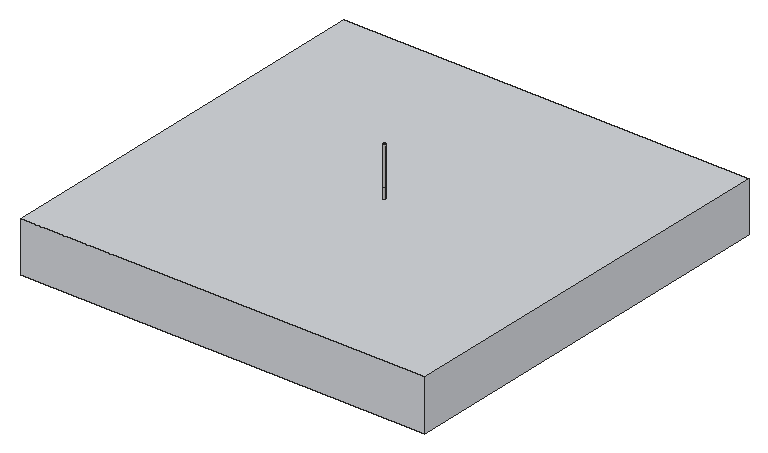
Revit family "IEK_Насадка для перфоратора SDS-max", category Обобщенные модели, Revit 2019
Family settings
  Основа = Грань
  Может служить основой для арматурных стержней = Нет
  Размер круглого соединителя = Использовать диаметр
  Тип детали = Нормальный
  При загрузке вырезать с полостями = Нет
  Общий = Да
  Точка расчета площади = Нет
Parameters (values of type "L=250м, D=15мм")
  Default Elevation = 0 mm
  KSI_CPr_Строительные изделия = ""
  KSI_CMa_Строительные материалы = "24.10.35.000.08.3.05.06-0001"  # constant formula
  IEK_Цена за единицу = 5986
  IEK_Поиск в таблице имен = ""
  IEK_Описание = "Насадка для перфоратора SDS-max товарного знака IEK предназначена для передачи усилия через вибромолот на удароприемную головку при заглублении стержней заземления в грунт. Насадка адаптирована для работы с электрическим вибромолотом с посадочным местом SDS-max."
  IEK_URL = "https://www.iek.ru/products/catalog/sistemy_dlya_prokladki_kabelya/molniezashchita_i_zazemlenie/passivnaya_molniezashchita_i_zazemlenie/aksessuary_k_ustroystvam_molniezashchity_i_zazemleniya/nasadka_dlya_perforatora_sds_max_l_250mm_d_15mm_iek"
  ADSK_Примечание = ""
  ADSK_Позиция [instance] = ""
  ADSK_Наименование = "Насадка для перфоратора SDS-max L=250мм D=15мм IEK"
  ADSK_Материал обозначение = ""
  ADSK_Материал наименование = "Сталь"
  ADSK_Материал = Сталь оцинкованная
  ADSK_Масса = 0.45
  ADSK_Марка = ""
  ADSK_Код изделия = "TNP20-250-15"
  ADSK_Завод-изготовитель = "IEK"  # constant formula
  ADSK_Единица измерения = "шт"  # constant formula
  ADSK_Группирование = "VIII. ЭЛЕМЕНТЫ ВНЕШНЕЙ МОЛНИЕЗАЩИТЫ"  # constant formula
  ADSK_Версия семейства = "1.0"  # constant formula
  ADSK_Версия Revit = "2019"  # constant formula
  ADSK_URL страницы изделия = "https://www.iek.ru/products/catalog/sistemy_dlya_prokladki_kabelya/molniezashchita_i_zazemlenie/passivnaya_molniezashchita_i_zazemlenie/aksessuary_k_ustroystvam_molniezashchity_i_zazemleniya/?pagec=100"
Reference planes
  plane 1 "По центру (Вперед/Назад)": y = 0
  plane 2: z = 0
  plane 3 "По центру (Влево/Вправо)": x = 0
  plane 4: x = -9
  plane 5: z = 295
  plane 6: z = 67
  plane 7: x = -6.9
Forms (mm)
  Extrusion 1, solid
    sketch origin (0, 0, 0) x (1, 0, 0) y (0, 1, 0)
      loop
        line (-1219.2, 1219.2) -> (-1219.2, -1219.2) -> (1219.2, -1219.2) -> (1219.2, 1219.2) -> (-1219.2, 1219.2)
    from 0 to -304.8
  Revolve 2, solid, material "Сталь оцинкованная" <- "ADSK_Материал"
    sketch origin (0, 0, 0) x (1, 0, 0) y (0, 0, 1)
      loop
        line (0, 295) -> (-6.9, 295) -> (-9, 292.9) -> (-9, 69.1) -> (-6.9, 67) -> (-6.9, 2.1) -> (-4.8, 0) -> (0, 0) -> (0, 295)
      axis (0, 295) -> (0, 0)
    angle from 0 to 360
Dimensions and locks
  aligned and locked: plane 2 to Extrusion 1
  aligned and locked: level to Extrusion 1
  aligned and locked: Revolve 2 sketch curve to plane 3 "По центру (Влево/Вправо)"
